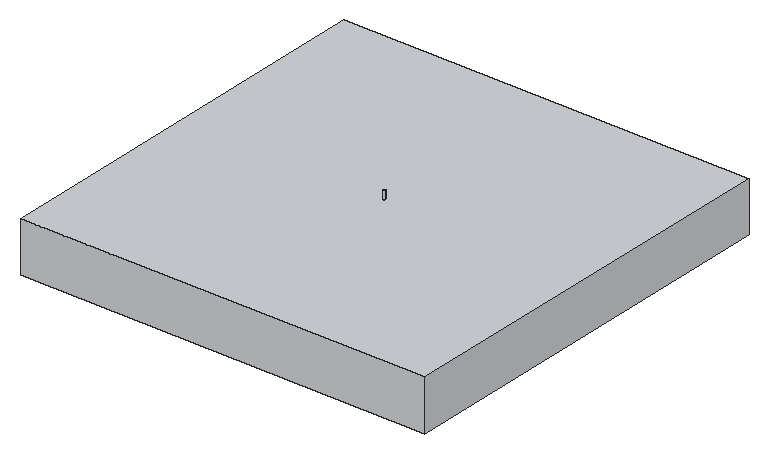
Revit family "M_Sprinkler - Janela - Hospedado", category Sprinklers, Revit 2019
Family settings
  Hospedeiro = Face
  Manter orientação da anotação = Sim
  Cota do conector redondo = Usar raio
  Tipo de parte = Normal
  Número OmniClass = 23.65.70.17.11.24
  Título OmniClass = Fire Fighting Sprinkler Heads
  ID de item do Seek = Sprinkler - Window - Hosted-0000-CAN-ENU
  Corte com vazios quando carregada = Não
  Compartilhado = Não
  Ponto de cálculo do ambiente = Não
Parameters (values of type "Janela de 15 mm")
  Classificação de temperatura = 57 °C
  Resposta = Padrão
  Queda de pressão [instance] = 48300.0 Pa
  Classe de pressão = Padrão
  Tamanho do orifício = 13 mm
  Orifício = Padrão
  Fator-K = 81
  Fluxo [instance] = 2.0 L/s
  Diâmetro do escudete = Diâmetro nominal  # 15 mm
  Cobertura = Padrão
  Diâmetro nominal = Raio nominal * 2  # 15 mm
  Raio nominal = 7.5 mm
  Raio do escudete = 0.5 * Diâmetro do escudete  # 7.5 mm
  Protrusão = Comprimento total - CEL  # 45 mm
  Comprimento total = 52 mm
  Espessura do escudete = 3 mm
  Elevação-padrão = 2400 mm
  CEL = 7 mm
  Assembly Code = ""
Types (2, lengths in mm): name | Queda de pressão | Tamanho do orifício | Fator-K | Fluxo | Diâmetro do escudete | Diâmetro nominal | Raio nominal | Raio do escudete | Protrusão | CEL
  Janela de 15 mm | 48300.0 Pa | 13 | 81 | 2.0 L/s | 15 | 15 | 7.5 | 7.5 | 45 | 7
  Janela de 20 mm | 96500.0 Pa | 14 | 115 | 3.0 L/s | 20 | 20 | 10 | 10 | 42 | 10
Reference planes
  plane 1 "Centro (Frente/Trás)": y = 0
  plane 2: z = 0
  plane 3 "Centro (Esquerda/Direita)": x = 0
  plane 4: z = -7
  plane 5: z = 3
  plane 6: z = 45
  plane 7: z = 0
Forms (mm)
  Extrusion 1, solid
    sketch origin (0, 0, 0) x (1, 0, 0) y (0, 1, 0)
      loop
        line (-1219.2, 1219.2) -> (-1219.2, -1219.2) -> (1219.2, -1219.2) -> (1219.2, 1219.2) -> (-1219.2, 1219.2)
    from 0 to -304.8
  Extrusion 2, solid
    sketch origin (0, 0, 0) x (1, 0, 0) y (0, 1, 0)
      loop
        circle (0, 0) r 7.5
    from 0 to 45
  Extrusion 3, solid
    sketch origin (0, 0, 0) x (1, 0, 0) y (0, 1, 0)
      loop
        circle (0, 0) r 7.5
    from 0 to 3
Cuts and joins
  joined: Extrusion 2, Extrusion 3
Dimensions and locks
  "Espessura do escudete": plane 5 to level
  "Protrusão": plane 6 to level
  "Comprimento total": plane 6 to plane 4
  "CEL": plane 7 to plane 4
  "Raio nominal": radius of Extrusion 2 sketch curve
  "Raio do escudete": radius of Extrusion 3 sketch curve
  aligned and locked: plane 2 to Extrusion 1
  aligned and locked: level to Extrusion 1
  aligned and locked: Extrusion 3 to level
  aligned and locked: plane 5 to Extrusion 3
  aligned and locked: plane 6 to Extrusion 2
  aligned and locked: Extrusion 2 to plane 7
Automatic sketch dimensions
  Extrusion 2 sketch curve to plane 1 "Centro (Frente/Trás)" = 0 mm
  Extrusion 2 sketch curve to plane 3 "Centro (Esquerda/Direita)" = 0 mm
  Extrusion 3 sketch curve to plane 1 "Centro (Frente/Trás)" = 0 mm
  Extrusion 3 sketch curve to plane 3 "Centro (Esquerda/Direita)" = 0 mm
  Extrusion 1 sketch curve to Extrusion 1 sketch curve = 2438.4 mm  (x2)
Nested families
  nested 1: "M_Sprinkler - Símbolo - Janela" at (0, 0, 0), type "Sprinkler - Símbolo - Janela"
Connectors
  piping at (0, 0, 0), diameter 15, driven by "Fluxo", driven by "Raio nominal", driven by "Queda de pressão"
    settings: on cut or joined group of Extrusion 2, Extrusion 3, index 1, connector inside diameter 15 mm, connector length 0 mm, flow factor 0, pipe flow 2.0 L/s, pressure drop 48300.0 Pa, fitting loss kfactor 0, connector angle 0.00°, fixture units 0, engagement length 0 mm, angle of deflection 0.00°, flow configuration 1, flow direction 1, fitting loss method 4, system type 23, joint type 0, gender type 0, connector reference index -1, connector utility 0, adjustable connector no, is connector primary yes, connector description "In"
Definition of nested family "M_Sprinkler - Símbolo - Janela"
  Parameters
    Raio do símbolo = 0.5 * Diâmetro do símbolo  # 1 mm
    Diâmetro do símbolo = 2 mm
  Reference planes
    plane 1: y = 0
    plane 2: x = 0
  Lines and regions (mm)
    detail lines
      curve 1: circle (0, 0, 0) r 1 normal (0, 0, 1)
      curve 3: line (0, 0, 0) -> (-0.707, 0.707, 0)
      curve 4: line (0, 0, 0) -> (0.707, 0.707, 0)
    reference lines
      curve 2: circle (0, 0, 0) r 0.794 normal (0, 0, 1)
  Dimensions and locks
    "Raio do símbolo": radius of curve 1
    angle curve 4 to plane 2 to curve 3 = 45.00°, 45.00°
  Automatic sketch dimensions
    curve 2 to plane 1 = 0 mm
    curve 2 to plane 2 = 0 mm
    curve 3 to plane 1 = 0 mm
    curve 3 to plane 2 = 0 mm
    curve 1 to plane 1 = 0 mm
    curve 1 to plane 2 = 0 mm
    radius of curve 2 = 0.794 mm
